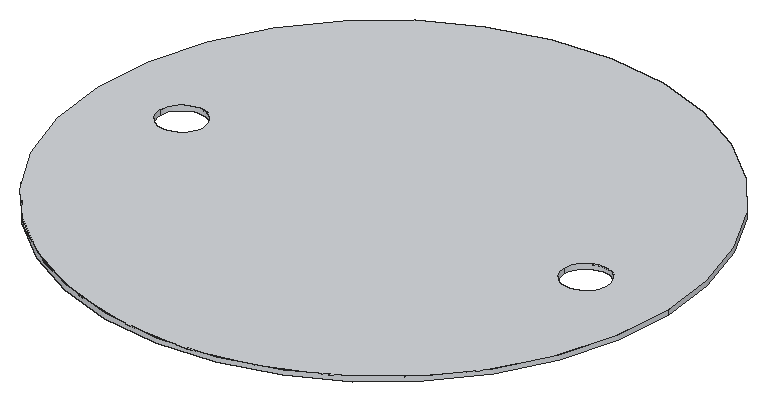
Revit family "BL1B", category Generic Models, Revit 2017
Family settings
  Can host rebar = No
  Round Connector Dimension = Use Diameter
  Part Type = Normal
  Work Plane-Based = Yes
  Always vertical = No
  Cut with Voids When Loaded = No
  Shared = No
  Room Calculation Point = No
Parameters (values of type "NBS Standard Parameters")
  Weight = "0.0151Kg"
  WarrantyStartDate [instance] = "1900-12-31T23:59:59"
  WarrantyGuarantorParts = "n/a"
  WarrantyGuarantorLabor = "n/a"
  WarrantyDurationUnit = "12 months"
  WarrantyDurationParts = "n/a"
  WarrantyDurationLabor = "n/a"
  WarrantyDescription = "n/a"
  Version = "1"
  Uniclass2 = "Pr_65_70_11_20"
  TagNumber [instance] = "n/a"
  SustainabilityPerformance = "n/a"
  Size = "n/a"
  Shape = "Circular"
  SerialNumber [instance] = "n/a"
  Revision = "n/a"
  ReplacementCost = "n/a"
  ProductInformation = "www.metpro.co.uk/pdf/bl1g.pdf"
  NominalWidth = 67 mm
  NominalLength = 67 mm
  NominalHeight = 0.6 mm
  Name = ""
  NBSTypeID = ""
  NBSReference = "90-55-10/460"
  NBSOfficeMasterTag = ""
  NBSNote = ""
  NBSDescription = "Conduit Fittings"
  NBSCertification = ""
  ModelReference = "n/a"
  ModelNumber = "BL1B"
  Material = "Pressed Steel"
  ManufacturerURL = "www.metpro.co.uk"
  ManufacturerName = "Metpro Ltd"
  Keynote = "Compliant to LU standard  1- 085"
  InstallationDate [instance] = "1900-12-31T23:59:59"
  IfcExportType = ""
  IfcExportAs = ""
  Grade = "n/a"
  Finish = "Black Enamel"
  Features = "n/a"
  ExpectedLife = "n/a"
  DurationUnit = "year"
  Description = "BL1G/B - Circular Box Lid"
  Default Elevation = 1219.2 mm
  Constituents = "n/a"
  Color = "n/a"
  CodePerformance = "n/a"
  Category = "n/a"
  BarCode [instance] = "n/a"
  BIMObjectName = "Metpro_Metprolibrary_Conduitfittings_Metalcomponent_steelaccessories"
  Author = "Metpro Ltd"
  AssetType = ""
  AssetIdentifier [instance] = "n/a"
  AccessibilityPerformance = "n/a"
Reference planes
  plane 1 "Center (Front/Back)": y = 0
  plane 2: z = 0
  plane 3 "Center (Left/Right)": x = 0
Forms (mm)
  Extrusion 1, solid
    sketch origin (1363.815, 53.763, 801.445) x (-1, 0, 0) y (0, -1, 0)
      loop
        circle (210.356, 19.049) r 35.5
      loop
        circle (235.556, 19.049) r 2.75
      loop
        circle (185.156, 19.049) r 2.75
    from 0 to 0.6
Dimensions and locks
  aligned and locked: level to plane 2
